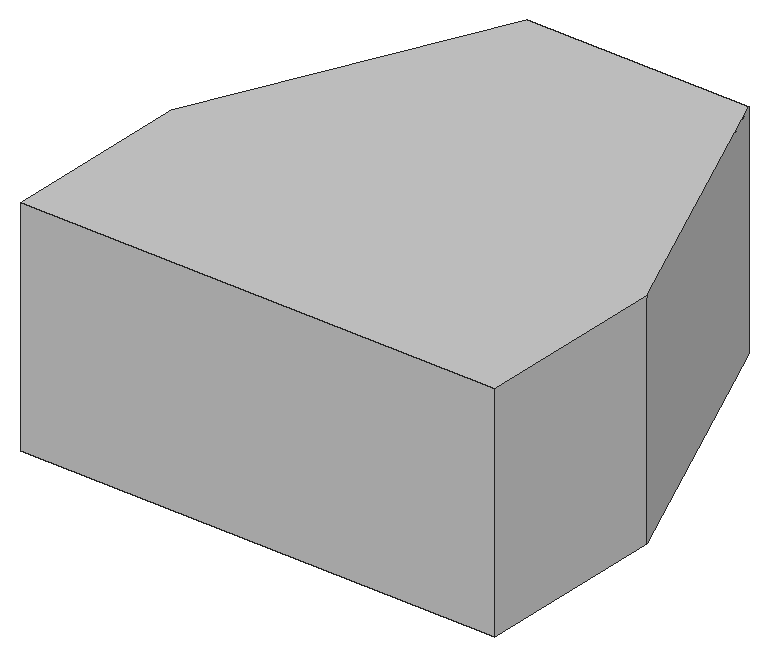
Revit family "@BS-Mong don 04", category Structural Foundations, Revit 2023
Family settings
  Material for Model Behavior = Concrete
  Cap = No
  OmniClass Number = 23.25.05.11
  OmniClass Title = Foundation Piles
  Work Plane-Based = No
  Always vertical = Yes
  Cut with Voids When Loaded = No
  Shared = No
  Show family pre-cut in plan views = Yes
Parameters (values of type "1500x1500x700")
  Width 1 = 700 mm
  Width = 1500 mm
  Thickness = 700 mm
  Structural Material [instance] = Concrete, Cast-in-Place gray
  Length 1 = 600 mm
  Length = 1500 mm
  Assembly Code = "A1010130"
Reference planes
  plane 1 "Center (Front/Back)": y = 29.2
  plane 2: z = 0
  plane 3 "Center (Left/Right)": x = -370.069
  plane 4: x = -1120.069
  plane 5: x = 379.931
  plane 6: y = 1079.2
  plane 7: y = -420.8
  plane 8: z = -700
  plane 9: x = -20.069
  plane 10: y = 179.2
  plane 11: x = -720.069
  plane 12: z = -550
Forms (mm)
  Extrusion 1, solid, material "Concrete, Cast-in-Place gray" <- "Structural Material"
    sketch origin (0, 0, 0) x (1, 0, 0) y (0, 1, 0)
      loop
        line (-720.069, 1079.2) -> (-1120.069, 179.2) -> (-1120.069, -420.8) -> (379.931, -420.8) -> (379.931, 179.2) -> (-20.069, 1079.2) -> (-720.069, 1079.2)
    from -700 to 0
Dimensions and locks
  "Width": plane 4 to plane 5
  "Length": plane 6 to plane 7
  equal spacing: plane 4, plane 3 "Center (Left/Right)", plane 5
  "Thickness": plane 2 to plane 8
  "Length 1": plane 10 to plane 7
  locked: plane 12 to plane 8 at 150
  equal spacing: plane 11, plane 3 "Center (Left/Right)", plane 9
  "Width 1": plane 11 to plane 9
  aligned and locked: plane 4 to Extrusion 1 sketch curve
  aligned and locked: Extrusion 1 sketch curve to plane 5
  aligned and locked: Extrusion 1 sketch curve to plane 6
  aligned and locked: plane 7 to Extrusion 1 sketch curve
  aligned and locked: level to Extrusion 1
  aligned and locked: Extrusion 1 to plane 8
  aligned and locked: plane 9 to Extrusion 1 sketch curve
  aligned and locked: plane 11 to Extrusion 1 sketch curve
  aligned and locked: plane 10 to Extrusion 1 sketch curve
Automatic sketch dimensions
  Extrusion 1 sketch curve to plane 10 = 0 mm
